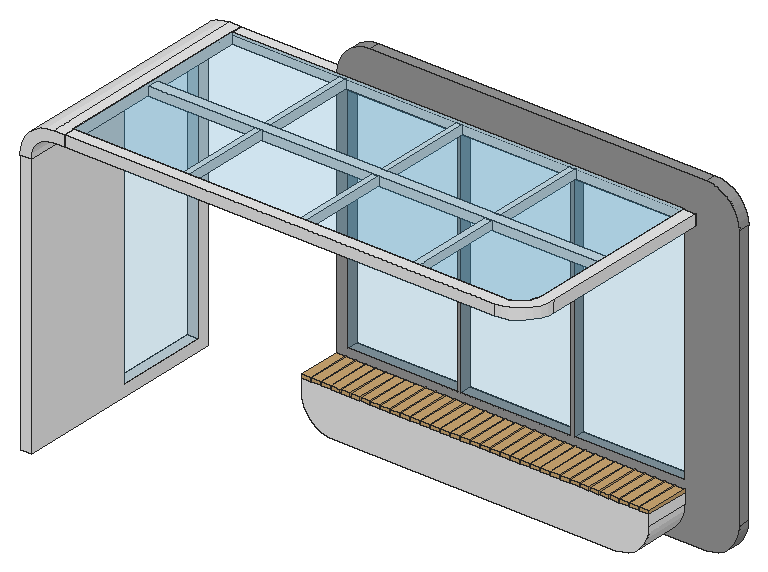
Revit family "L-FUR_퍼걸러_DWST-2011_데오스웍스", category 일반 모델, Revit 2019
Family settings
  보강 철근 호스트 가능 = 아니오
  원형 커넥터 치수 = 지름 사용
  부품 유형 = 보통
  작업 기준면 기반 = 아니오
  항상 수직 = 예
  로드될 때 보이드를 사용하여 절단 = 아니오
  공유 = 아니오
  룸 계산 점 = 아니오
Parameters
  한국산업규격KS = ""
  조달청표준공사코드-세부공종 = "24076855"
  건설정보분류체계-부위분류 = "E94135"
  LIM_INFO_주의사항 = "재배포, 재가공, 판매 금지"
  LIM_INFO_제품업체 = "데오스웍스"
  LIM_INFO_제품번호 = "DWST-2011"
  LIM_INFO_제품명 = "퍼걸러_DWST-2011"
  LIM_INFO_제작일 = "2021.12."
  LIM_INFO_재료 = "Stl Plate, Stl Pipe, Hardwood, 강화유리"
  LIM_INFO_업체정보 = ""
  LIM_INFO_업체URL = "https://www.deosworks.com"
  LIM_INFO_업체TEL = "02-862-3444"
  LIM_INFO_업체EMAIL = "info@deosworks.com"
  LIM_INFO_버전 = "2022_V01"
  LIM_INFO_기타정보 = ""
  LIM_INFO_규격 = "W5000 x D2000 x H3000"
  LIM_INFO_가격 = 0
  LIM_INFO_PV_포장재여부 = yes
  LIM_INFO_PV_면적 = 0.00 m²
  KBIMS_식별-버전 = ""
  KBIMS_식별-bSK등록번호 = ""
  KBIMS_보급정보-저작자 = "림인포테크_MMJ"
  KBIMS_보급정보-보급코드 = ""
Reference planes
  plane 1 "중심(앞/뒤)": y = 0
  plane 2: z = 0
  plane 3 "중심(왼쪽/오른쪽)": x = 0
Dimensions and locks
  aligned and locked: level to plane 2
Nested families
  nested 1: "DWST-2011_base" at (0, 0, 0), type "DWST-2011_base"
Definition of nested family "DWST-2011_base"
  Reference planes
    plane 1 "중심(앞/뒤)": y = 0
    plane 2: z = 0
    plane 3 "중심(왼쪽/오른쪽)": x = 0
  Forms (mm)
    Extrusion 1, solid, detail levels fine
      sketch origin (0, -10121.184, -5184.28) x (0, 1, 0) y (0, 0, 1)
        loop
          line (10121.184, 5184.28) -> (12121.184, 5184.28) -> (12121.184, 7584.28) -> (12021.184, 7584.28) -> (12021.184, 5284.28) -> (11171.184, 5284.28) -> (11171.184, 7584.28) -> (10121.184, 7584.28) -> (10121.184, 5184.28)
      from 0 to 100
    Extrusion 2, solid, detail levels fine
      sketch origin (100, 0, 0) x (-1, 0, 0) y (0, 0, 1)
        loop
          arc (-200, 2600) -> (-58.579, 2541.421) -> (0, 2400) r 200
          line (0, 2400) -> (100, 2400)
          arc (100, 2400) -> (12.132, 2612.132) -> (-200, 2700) r 300
          line (-200, 2700) -> (-300, 2700) -> (-300, 2600) -> (-200, 2600)
      from 0 to 2000
    Extrusion 3, solid, detail levels fine
      sketch origin (100, 0, 0) x (-1, 0, 0) y (0, -1, 0)
        loop
          line (-4500, -300) -> (-4500, -1900) -> (-4500, -2000) -> (-300, -2000) -> (-300, -1900) -> (-4400, -1900) -> (-4400, -300)
          arc (-4400, -300) -> (-4341.421, -158.579) -> (-4200, -100) r 200
          line (-4200, -100) -> (-300, -100) -> (-300, 0) -> (-4200, 0)
          arc (-4200, 0) -> (-4412.132, -87.868) -> (-4500, -300) r 300
      from 2600 to 2700
    Extrusion 4, solid, detail levels fine
      sketch origin (100, 0, 0) x (1, 0, 0) y (0, 0, 1)
        loop
          line (1249.999, 2700) -> (1249.999, 300)
          arc (1249.999, 300) -> (1337.867, 87.868) -> (1549.999, 0) r 300
          line (1549.999, 0) -> (4600, 0)
          arc (4600, 0) -> (4812.132, 87.868) -> (4900, 300) r 300
          line (4900, 300) -> (4900, 2700)
          arc (4900, 2700) -> (4812.132, 2912.132) -> (4600, 3000) r 300
          line (4600, 3000) -> (1549.999, 3000)
          arc (1549.999, 3000) -> (1337.867, 2912.132) -> (1249.999, 2700) r 300
        loop
          line (4399.999, 2600) -> (3403.333, 2600) -> (3403.333, 500) -> (4399.999, 500) -> (4399.999, 2600)
        loop
          line (3373.333, 2600) -> (2376.667, 2600) -> (2376.667, 500) -> (3373.333, 500) -> (3373.333, 2600)
        loop
          line (2346.667, 2600) -> (1349.999, 2600) -> (1349.999, 500) -> (2346.667, 500) -> (2346.667, 2600)
      from -2000 to -1900
    Extrusion 5, solid, detail levels fine
      sketch origin (100, 0, 0) x (1, 0, 0) y (0, 1, 0)
        loop
          line (300, 1050) -> (300, 950) -> (4400, 950) -> (4400, 1050) -> (300, 1050)
      from 2600 to 2680
    Extrusion 6, solid, detail levels fine
      sketch origin (100, 0, 0) x (1, 0, 0) y (0, 1, 0)
        loop
          line (3363.294, 1900) -> (3363.294, 1050) -> (3413.294, 1050) -> (3413.294, 1900) -> (3363.294, 1900)
        loop
          line (3363.294, 950) -> (3363.294, 100) -> (3413.294, 100) -> (3413.294, 950) -> (3363.294, 950)
        loop
          line (2336.628, 950) -> (2336.628, 100) -> (2386.628, 100) -> (2386.628, 950) -> (2336.628, 950)
        loop
          line (2336.628, 1900) -> (2336.628, 1050) -> (2386.628, 1050) -> (2386.628, 1900) -> (2336.628, 1900)
        loop
          line (1276.628, 1900) -> (1276.628, 1050) -> (1326.628, 1050) -> (1326.628, 1900) -> (1276.628, 1900)
        loop
          line (1276.628, 950) -> (1276.628, 100) -> (1326.628, 100) -> (1326.628, 950) -> (1276.628, 950)
      from 2600 to 2680
    Extrusion 7, solid, detail levels fine
      sketch origin (100, 0, 0) x (1, 0, 0) y (0, 1, 0)
        loop
          line (300, 100) -> (4200, 100)
          arc (4200, 100) -> (4341.421, 158.579) -> (4400, 300) r 200
          line (4400, 300) -> (4400, 1900) -> (300, 1900) -> (300, 100)
      from 2680 to 2700
    Extrusion 8, solid, detail levels fine
      sketch origin (100, 0, 0) x (0, 1, 0) y (0, 0, 1)
        loop
          line (1050, 2400) -> (1050, 100) -> (1900, 100) -> (1900, 2400) -> (1050, 2400)
      from -100 to 0
    Extrusion 9, solid, detail levels fine
      sketch origin (100, 0, 0) x (1, 0, 0) y (0, 0, 1)
        loop
          line (4399.999, 2600) -> (3403.333, 2600) -> (3403.333, 500) -> (4399.999, 500) -> (4399.999, 2600)
        loop
          line (3373.333, 2600) -> (2376.667, 2600) -> (2376.667, 500) -> (3373.333, 500) -> (3373.333, 2600)
        loop
          line (2346.667, 2600) -> (1349.999, 2600) -> (1349.999, 500) -> (2346.667, 500) -> (2346.667, 2600)
      from -2000 to -1900
    Extrusion 10, solid, detail levels fine
      sketch origin (100, 0, 0) x (1, 0, 0) y (0, 0, 1)
        loop
          arc (1249.999, 300) -> (1337.867, 87.868) -> (1549.999, 0) r 300
          line (1549.999, 0) -> (4099.999, 0)
          arc (4099.999, 0) -> (4312.132, 87.868) -> (4399.999, 300) r 300
          line (4399.999, 300) -> (4399.999, 400) -> (1249.999, 400) -> (1249.999, 300)
      from -1900 to -1500
    Extrusion 11, solid, detail levels fine
      sketch origin (100, 0, 0) x (1, 0, 0) y (0, 0, 1)
        loop
          line (4309.706, 400) -> (4309.706, 430) -> (4229.706, 430) -> (4229.706, 400) -> (4309.706, 400)
        loop
          line (4400, 400) -> (4400, 430) -> (4320, 430) -> (4320, 400) -> (4400, 400)
        loop
          line (4219.412, 400) -> (4219.412, 430) -> (4139.412, 430) -> (4139.412, 400) -> (4219.412, 400)
        loop
          line (4129.118, 400) -> (4129.118, 430) -> (4049.118, 430) -> (4049.118, 400) -> (4129.118, 400)
        loop
          line (3948.529, 400) -> (3948.529, 430) -> (3868.529, 430) -> (3868.529, 400) -> (3948.529, 400)
        loop
          line (4038.823, 400) -> (4038.823, 430) -> (3958.823, 430) -> (3958.823, 400) -> (4038.823, 400)
        loop
          line (3858.235, 400) -> (3858.235, 430) -> (3778.235, 430) -> (3778.235, 400) -> (3858.235, 400)
        loop
          line (3767.941, 400) -> (3767.941, 430) -> (3687.941, 430) -> (3687.941, 400) -> (3767.941, 400)
        loop
          line (3587.353, 400) -> (3587.353, 430) -> (3507.353, 430) -> (3507.353, 400) -> (3587.353, 400)
        loop
          line (3677.647, 400) -> (3677.647, 430) -> (3597.647, 430) -> (3597.647, 400) -> (3677.647, 400)
        loop
          line (3497.059, 400) -> (3497.059, 430) -> (3417.059, 430) -> (3417.059, 400) -> (3497.059, 400)
        loop
          line (3406.765, 400) -> (3406.765, 430) -> (3326.765, 430) -> (3326.765, 400) -> (3406.765, 400)
        loop
          line (3226.176, 400) -> (3226.176, 430) -> (3146.176, 430) -> (3146.176, 400) -> (3226.176, 400)
        loop
          line (3316.47, 400) -> (3316.47, 430) -> (3236.47, 430) -> (3236.47, 400) -> (3316.47, 400)
        loop
          line (3135.882, 400) -> (3135.882, 430) -> (3055.882, 430) -> (3055.882, 400) -> (3135.882, 400)
        loop
          line (3045.588, 400) -> (3045.588, 430) -> (2965.588, 430) -> (2965.588, 400) -> (3045.588, 400)
        loop
          line (2865, 400) -> (2865, 430) -> (2785, 430) -> (2785, 400) -> (2865, 400)
        loop
          line (2955.294, 400) -> (2955.294, 430) -> (2875.294, 430) -> (2875.294, 400) -> (2955.294, 400)
        loop
          line (2774.706, 400) -> (2774.706, 430) -> (2694.706, 430) -> (2694.706, 400) -> (2774.706, 400)
        loop
          line (2684.411, 400) -> (2684.411, 430) -> (2604.411, 430) -> (2604.411, 400) -> (2684.411, 400)
        loop
          line (2503.823, 400) -> (2503.823, 430) -> (2423.823, 430) -> (2423.823, 400) -> (2503.823, 400)
        loop
          line (2594.117, 400) -> (2594.117, 430) -> (2514.117, 430) -> (2514.117, 400) -> (2594.117, 400)
        loop
          line (2413.529, 400) -> (2413.529, 430) -> (2333.529, 430) -> (2333.529, 400) -> (2413.529, 400)
        loop
          line (2323.235, 400) -> (2323.235, 430) -> (2243.235, 430) -> (2243.235, 400) -> (2323.235, 400)
        loop
          line (2142.647, 400) -> (2142.647, 430) -> (2062.647, 430) -> (2062.647, 400) -> (2142.647, 400)
        loop
          line (2232.941, 400) -> (2232.941, 430) -> (2152.941, 430) -> (2152.941, 400) -> (2232.941, 400)
        loop
          line (2052.353, 400) -> (2052.353, 430) -> (1972.353, 430) -> (1972.353, 400) -> (2052.353, 400)
        loop
          line (1962.058, 400) -> (1962.058, 430) -> (1882.058, 430) -> (1882.058, 400) -> (1962.058, 400)
        loop
          line (1781.47, 400) -> (1781.47, 430) -> (1701.47, 430) -> (1701.47, 400) -> (1781.47, 400)
        loop
          line (1871.764, 400) -> (1871.764, 430) -> (1791.764, 430) -> (1791.764, 400) -> (1871.764, 400)
        loop
          line (1691.176, 400) -> (1691.176, 430) -> (1611.176, 430) -> (1611.176, 400) -> (1691.176, 400)
        loop
          line (1600.882, 400) -> (1600.882, 430) -> (1520.882, 430) -> (1520.882, 400) -> (1600.882, 400)
        loop
          line (1420.294, 400) -> (1420.294, 430) -> (1340.294, 430) -> (1340.294, 400) -> (1420.294, 400)
        loop
          line (1510.588, 400) -> (1510.588, 430) -> (1430.588, 430) -> (1430.588, 400) -> (1510.588, 400)
        loop
          line (1329.999, 400) -> (1329.999, 430) -> (1249.999, 430) -> (1249.999, 400) -> (1329.999, 400)
      from -1900 to -1500
    Extrusion 12, solid, detail levels coarse+medium
      sketch origin (0, -10121.184, -5184.28) x (0, 1, 0) y (0, 0, 1)
        loop
          line (10121.184, 5184.28) -> (12121.184, 5184.28) -> (12121.184, 7584.28) -> (12021.184, 7584.28) -> (12021.184, 5284.28) -> (11171.184, 5284.28) -> (11171.184, 7584.28) -> (10121.184, 7584.28) -> (10121.184, 5184.28)
      from 0 to 100
    Extrusion 13, solid, detail levels coarse+medium
      sketch origin (100, 0, 0) x (-1, 0, 0) y (0, 0, 1)
        loop
          line (-3.528, 2400) -> (100, 2400) -> (59.808, 2550) -> (-68.489, 2669.638) -> (-200, 2700) -> (-300, 2700) -> (-300, 2600) -> (-211.394, 2600) -> (-117.092, 2578.229) -> (-29.363, 2496.421) -> (-3.528, 2400)
      from 0 to 2000
    Extrusion 14, solid, detail levels coarse+medium
      sketch origin (100, 0, 0) x (-1, 0, 0) y (0, -1, 0)
        loop
          line (-4500, -1900) -> (-4500, -2000) -> (-300, -2000) -> (-300, -1900) -> (-4400, -1900) -> (-4400, -313.165) -> (-4370.15, -201.764) -> (-4298.236, -129.85) -> (-4186.835, -100) -> (-300, -100) -> (-300, 0) -> (-4200, 0) -> (-4350, -40.192) -> (-4459.808, -150) -> (-4500, -300) -> (-4500, -1900)
      from 2600 to 2700
    Extrusion 15, solid, detail levels coarse+medium
      sketch origin (100, 0, 0) x (1, 0, 0) y (0, 0, 1)
        loop
          line (1249.999, 2681.131) -> (1249.999, 318.869) -> (1274.1, 182.19) -> (1380.586, 52.414) -> (1549.999, 0) -> (4600, 0) -> (4769.414, 52.414) -> (4875.9, 182.19) -> (4900, 318.869) -> (4900, 2681.131) -> (4875.9, 2817.81) -> (4769.414, 2947.586) -> (4600, 3000) -> (1549.999, 3000) -> (1380.586, 2947.586) -> (1274.1, 2817.81) -> (1249.999, 2681.131)
        loop
          line (4399.999, 2600) -> (3403.333, 2600) -> (3403.333, 500) -> (4399.999, 500) -> (4399.999, 2600)
        loop
          line (3373.333, 2600) -> (2376.667, 2600) -> (2376.667, 500) -> (3373.333, 500) -> (3373.333, 2600)
        loop
          line (2346.667, 2600) -> (1349.999, 2600) -> (1349.999, 500) -> (2346.667, 500) -> (2346.667, 2600)
      from -2000 to -1900
    Extrusion 16, solid, detail levels coarse+medium
      sketch origin (100, 0, 0) x (1, 0, 0) y (0, 1, 0)
        loop
          line (300, 1050) -> (300, 950) -> (4400, 950) -> (4400, 1050) -> (300, 1050)
      from 2600 to 2680
    Extrusion 17, solid, detail levels coarse+medium
      sketch origin (100, 0, 0) x (1, 0, 0) y (0, 1, 0)
        loop
          line (3363.294, 1900) -> (3363.294, 1050) -> (3413.294, 1050) -> (3413.294, 1900) -> (3363.294, 1900)
        loop
          line (3363.294, 950) -> (3363.294, 100) -> (3413.294, 100) -> (3413.294, 950) -> (3363.294, 950)
        loop
          line (2336.628, 950) -> (2336.628, 100) -> (2386.628, 100) -> (2386.628, 950) -> (2336.628, 950)
        loop
          line (2336.628, 1900) -> (2336.628, 1050) -> (2386.628, 1050) -> (2386.628, 1900) -> (2336.628, 1900)
        loop
          line (1276.628, 1900) -> (1276.628, 1050) -> (1326.628, 1050) -> (1326.628, 1900) -> (1276.628, 1900)
        loop
          line (1276.628, 950) -> (1276.628, 100) -> (1326.628, 100) -> (1326.628, 950) -> (1276.628, 950)
      from 2600 to 2680
    Extrusion 18, solid, detail levels coarse+medium
      sketch origin (100, 0, 0) x (1, 0, 0) y (0, 1, 0)
        loop
          line (300, 100) -> (4200, 100)
          arc (4200, 100) -> (4341.421, 158.579) -> (4400, 300) r 200
          line (4400, 300) -> (4400, 1900) -> (300, 1900) -> (300, 100)
      from 2680 to 2700
    Extrusion 19, solid, detail levels coarse+medium
      sketch origin (100, 0, 0) x (0, 1, 0) y (0, 0, 1)
        loop
          line (1050, 2400) -> (1050, 100) -> (1900, 100) -> (1900, 2400) -> (1050, 2400)
      from -100 to 0
    Extrusion 20, solid, detail levels coarse+medium
      sketch origin (100, 0, 0) x (1, 0, 0) y (0, 0, 1)
        loop
          line (4399.999, 2600) -> (3403.333, 2600) -> (3403.333, 500) -> (4399.999, 500) -> (4399.999, 2600)
        loop
          line (3373.333, 2600) -> (2376.667, 2600) -> (2376.667, 500) -> (3373.333, 500) -> (3373.333, 2600)
        loop
          line (2346.667, 2600) -> (1349.999, 2600) -> (1349.999, 500) -> (2346.667, 500) -> (2346.667, 2600)
      from -2000 to -1900
    Extrusion 21, solid, detail levels coarse+medium
      sketch origin (100, 0, 0) x (1, 0, 0) y (0, 0, 1)
        loop
          line (1549.999, 0) -> (4099.999, 0) -> (4269.413, 52.414) -> (4375.899, 182.19) -> (4399.999, 318.869) -> (4399.999, 400) -> (1249.999, 400) -> (1249.999, 318.869) -> (1274.1, 182.19) -> (1380.586, 52.414) -> (1549.999, 0)
      from -1900 to -1500
    Extrusion 22, solid, detail levels coarse+medium
      sketch origin (100, 0, 0) x (1, 0, 0) y (0, 0, 1)
        loop
          line (4400, 400) -> (4400, 430) -> (1249.999, 430) -> (1249.999, 400) -> (4400, 400)
      from -1900 to -1500
  Dimensions and locks
    aligned and locked: level to plane 2
